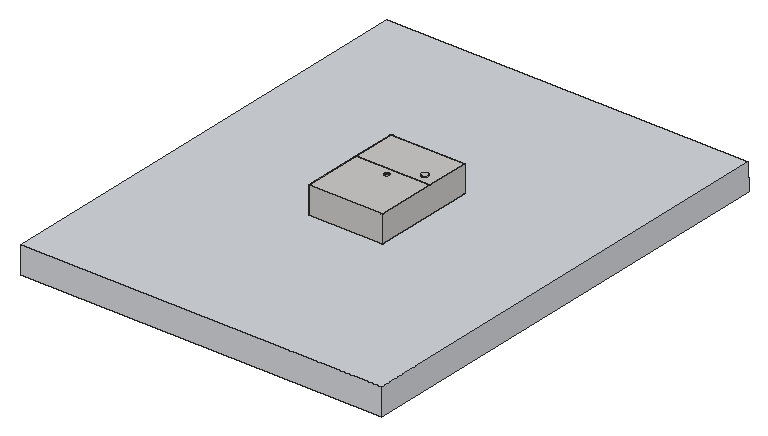
Revit family
Parameters
  Warranty Duration (Years) = 0
  Unit Width [instance] = 0' - 4 1/4"
  Unit Height [instance] = 0' - 0"
  Unit Depth = 0' - 4 1/4"
  URL = "http://www.americanspecialties.com/viewCategories.cfm"
  Trim Material = Metal - Stainless Steel
  Test Data = ""
  Specification = "http://www.arcat.com/sdspecs/htm/10810asi.htm"
  SpecWizard = ""
  Send Message = "http://www.arcat.com/users.pl?action=UserEmail&company=American%20Specialties,%20Inc.&coid=30448&rep=139&fax=914-476-0688&mf="
  Sales Information = "http://www.americanspecialties.com/contact"
  Revision = "R1_10-2010"
  Product Properties = "http://www.americanspecialties.com/datasheets/0473-A.pdf"
  Product Data = "http://www.arcat.com/arcatcos/cos30/arc30448.html"
  Model = "As Specified in 10 28 13"
  Manufacturer Website = "http://www.americanspecialties.com/viewCategories.cfm"
  Manufacturer Phone - Toll Free = ""
  Manufacturer Phone = "914-476-9000 "
  Manufacturer Fax = "914-476-0688"
  Manufacturer Address = "441 Saw Mill River Rd., Yonkers, NY 10701"
  Manufacturer = "American Specialties, Inc."
  Maintenance Schedule (Months) = 0
  Keynote = "10 28 13"
  Installation-Fabrication = "http://www.americanspecialties.com/products.cfm"
  Green Building-LEED = ""
  Expected Lifespan (Years) = 0
  Drawn By = "Robert S. Weygant. CSI, CDT, SCIP"  # constant formula
  Description = "Toilet Accessory as Specified in 10 28 13"
  Default Elevation = 4' - 0"
  Copyright = "©Arcat Inc."
  Construction Details = "http://www.arcat.com/green/clients/leed_data_30448.html"
  Building Codes = "http://www.americanspecialties.com/products.cfm"
  Body Material = Metal - Stainless Steel
  Assembly Code = "C1030210"
Reference planes (in)
  plane 1 "Center (Front/Back)": y = -0.29112
  plane 2 "Floor Line": z = 0
  plane 3 "Center (Left/Right)": x = -0.65843
  plane 4: z = -4
Forms (in)
  Extrusion 1, solid
    sketch origin (-3, -9, -6) x (0, 0, -1) y (1, 0, 0)
      loop
        line (-6, 28.75709) -> (-6, -24.80417) -> (-2, -24.80417) -> (-2, 28.75709) -> (-6, 28.75709)
    from 25.29112 to -42.72698
  Extrusion 2, solid, material "Metal - Stainless Steel" <- "Body Material"
    sketch origin (-0.65843, 0, 4.25) x (0, 1, 0) y (0, 0, 1)
      loop
        line (7.33388, -0.28125) -> (7.30263, -0.28125) -> (7.30263, -4.21875) -> (7.33388, -4.21875) -> (7.33388, -0.28125)
      loop
        line (-7.91612, -4.21875) -> (-7.88487, -4.21875) -> (-7.88487, -0.28125) -> (-7.91612, -0.28125) -> (-7.91612, -4.21875)
    from 5.46875 to -5.46875
  Extrusion 3, solid, material "Metal - Stainless Steel" <- "Body Material"
    sketch origin (-0.65843, 0, 4.25) x (0, 1, 0) y (0, 0, 1)
      loop
        line (7.33388, -0.28125) -> (-7.91612, -0.28125) -> (-7.91612, -4.25) -> (7.33388, -4.25) -> (7.33388, -0.28125)
    from -5.46875 to -5.5
  Extrusion 4, solid, material "Metal - Stainless Steel" <- "Body Material"
    sketch origin (0, 0, 0.03125) x (0, -1, 0) y (1, 0, 0)
      loop
        line (-7.33388, 4.84157) -> (-7.33388, -6.15843) -> (7.91612, -6.15843) -> (7.91612, 4.84157) -> (-7.33388, 4.84157)
      loop
        circle (5.91612, -4.15843) r 0.125
      loop
        circle (5.91612, 2.84157) r 0.125
      loop
        circle (0.16612, -4.15843) r 0.125
      loop
        circle (0.16612, 2.84157) r 0.125
    from 0 to -0.03125
  Extrusion 5, solid, material "Metal - Stainless Steel" <- "Body Material"
    sketch origin (-0.65843, 0, 4.25) x (0, 1, 0) y (0, 0, -1)
      loop
        line (7.33388, 0.28125) -> (7.33388, 4.25) -> (-7.91612, 4.25) -> (-7.91612, 0.28125) -> (7.33388, 0.28125)
    from -5.46875 to -5.5
  Extrusion 6, solid, material "Metal - Stainless Steel" <- "Body Material"
    sketch origin (0, 0, 4) x (1, 0, 0) y (0, 1, 0)
      loop
        line (-6.15843, 7.33388) -> (-6.15843, 0.83388) -> (4.84157, 0.83388) -> (4.84157, 7.33388) -> (-6.15843, 7.33388)
      loop
        line (4.84157, 0.80263) -> (-6.15843, 0.80263) -> (-6.15843, -7.91612) -> (4.84157, -7.91612) -> (4.84157, 0.80263)
    from 0 to -0.03125
  Extrusion 7, solid, material "Metal - Stainless Steel" <- "Trim Material"
    sketch origin (-0.64952, 0.375, 4) x (1, 0, 0) y (0, 1, 0)
      loop
        circle (3.56883, 1.89152) r 0.5
    from 0 to 0.0625
  Extrusion 8, solid, material "Metal - Stainless Steel" <- "Trim Material"
    sketch origin (0, 0, 4) x (1, 0, 0) y (0, 1, 0)
      loop
        circle (-0.65843, -0.29112) r 0.25
      loop
        circle (-0.65843, -0.29112) r 0.3125
    from 0 to 0.0625
Dimensions and locks (in)
  aligned and locked: Extrusion 2 to Extrusion 3  (x3)
  aligned and locked: Extrusion 3 to Extrusion 4
  aligned and locked: Extrusion 8 to Extrusion 7
  aligned and locked: Extrusion 5 to Extrusion 3
  aligned and locked: Extrusion 5 to Extrusion 2
